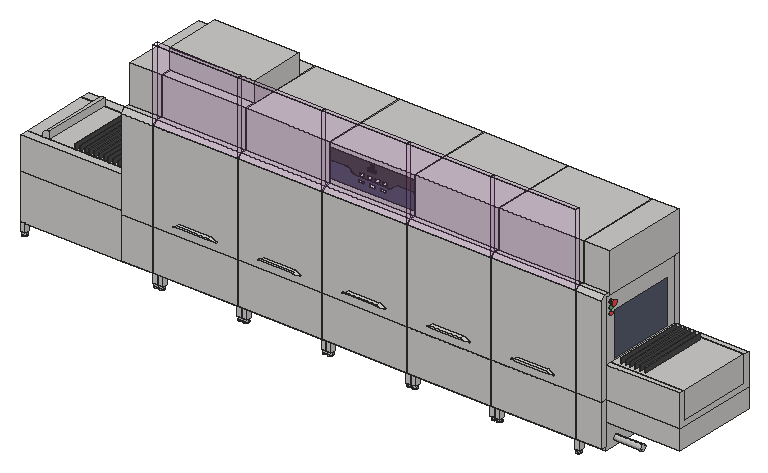
Revit family "QF_ELECTROLUXPROFESSIONAL_520716_EFTD082EL2U2D1M5R385", category Attrezzature speciali, Revit 2020
Family settings
  Quota connettore circolare = Usa diametro
  Tipo di parte = Normale
  Basato su piano di lavoro = No
  Sempre verticale = Sì
  Taglio con vuoti quando caricato = No
  Condiviso = No
  Punto di calcolo locali = No
Parameters (values of type "Standard")
  Weight = 1356.00 kg
  Watts = 76000 W
  Volts = 380 V
  URL Manufacturer = "https://www.electroluxprofessional.com/"
  URL = "https://www.electroluxprofessional.com/"
  Steam Supply Size = 0 mm
  Steam Supply Minimum Pressure = 0.0 Pa
  Steam Supply Maximum Pressure = 0.0 Pa
  Steam Consumption per Hour = 0
  Show Logo [instance] = yes
  Show Clearance [instance] = yes
  Refrigeration Suction Line Size = 0 mm
  Refrigeration Liquid Line Size = 0 mm
  Refrigerant Compressor Remote = yes
  Prospetto di default = 0 mm
  Produttore = "Electrolux Professional"
  Phase = 3
  Modello = "EFTD082EL2U2D1M5R385"
  Length Actual = 6250 mm  # constant formula
  Item Number = "520716"
  Hot Water Size = 0 mm
  Height Actual = 1983 mm  # constant formula
  HP = "101.9 HP"
  Gas Size = 0 mm
  Gas KW = 0
  Gas Input Pressure = 0 W
  Direct Waste Size = 50.8 mm
  Descrizione = "FT, 3Tanks, 8200D/H, El., 950mm loading, 1300mm unloading, 1Dryer, 55mm conveyor,R>L,380V50Hz3P"
  Depth Actual = 946 mm  # constant formula
  Cycle = 50 Hz
  Condensate Return Size = 0 mm
  Compressed Air Volume = 0.0 L/s
  Compressed Air Size = 0 mm
  Compressed Air Pressure = 0.0 Pa
  Cold Water Size = 0 mm
  Accessory = yes
Reference planes
  plane 1 "Centro (Fronte/Retro)": y = 0
  plane 2: z = 0
  plane 3 "Centro (Sinistra/Destra)": x = 0
  plane 4: z = 115
Forms (mm)
  Extrusion 1, solid, material "QF_Finishes_Stainless Steel"
    sketch origin (2582.404, 2, 1806.023) x (1, 0, 0) y (0, 0, 1)
      loop
        line (407.596, -163.023) -> (407.596, -183.023) -> (427.596, -183.023) -> (427.596, -163.023) -> (407.596, -163.023)
    from 0 to 2
  Extrusion 2, solid, material "QF_Finishes_Stainless Steel"
    sketch origin (-5.617, 22.464, 1290.159) x (0, 0, -1) y (0, 1, 0)
      loop
        circle (1102.159, -772.464) r 25
    from -9.383 to 5.617
  Extrusion 3, solid, material "QF_Finishes_Stainless Steel"
    sketch origin (3242.404, 2, 337.984) x (1, 0, 0) y (0, 0, 1)
      loop
        line (407.596, -163.023) -> (407.596, -183.023) -> (427.596, -183.023) -> (427.596, -163.023) -> (407.596, -163.023)
    from 0 to 2
  Extrusion 4, solid, material "QF_Finishes_Stainless Steel"
    sketch origin (647.841, 200.464, 109.383) x (1, 0, 0) y (0, 1, 0)
      loop
        circle (1102.159, -772.464) r 10
    from -9.383 to 5.617
  Extrusion 5, solid, material "QF_Finishes_Stainless Steel"
    sketch origin (718.841, 200.464, 109.383) x (1, 0, 0) y (0, 1, 0)
      loop
        circle (1102.159, -772.464) r 10
    from -9.383 to 5.617
  Extrusion 6, solid, material "QF_Finishes_Stainless Steel"
    sketch origin (5805.617, -1522.464, 1290.159) x (0, 0, -1) y (0, -1, 0)
      loop
        circle (1102.159, -772.464) r 25
    from -9.383 to 255.617
Dimensions and locks
  plane 4 to level = 115 mm
  aligned and locked: level to plane 2
Nested families
  nested 1: "MODULO_CENTER_800_FAN" at (1683.563, -388.258, 0), Show Clearance <- "Show Clearance", type "MODULO_CENTER_800_FAN"
    with Show Logo yes, Show Clearance yes, R_L no, L_R yes
  nested 2: "MODULO_CENTER_800" at (3283.563, -388.258, 0), Show Clearance <- "Show Clearance", type "MODULO_CENTER_800"
    with Show Logo yes, Show Clearance yes, R_L no, L_R yes
  nested 3: "MODULO_ENTRY_DISH_950" at (5691.437, -523.742, 0) x (-1, 0, 0) z (0, 0, 1), type "MODULO_ENTRY_DISH_950"
    with Show Logo yes, Show Clearance yes, R_L yes, L_R no
  nested 4: "MODULO_USCITA_DISH_1300" at (941.437, -523.742, 0) x (-1, 0, 0) z (0, 0, 1), type "MODULO_USCITA_DISH_1300"
    with Show Logo yes, Show Clearance yes, R_L no, L_R yes
  nested 5: "Piedino_Square_115H" at (23.5, -838.5, 0), type "Piedino_Square_115H"
  nested 6: "Piedino_Square_115H" at (23.5, -73.5, 0), type "Piedino_Square_115H"
  nested 7: "Piedino_Square_115H" at (1276.5, -838.5, 0), type "Piedino_Square_115H"
  nested 8: "Piedino_Square_115H" at (1276.5, -73.5, 0), type "Piedino_Square_115H"
  nested 9: "Piedino_Square_115H" at (1323.5, -838.5, 0), type "Piedino_Square_115H"
  nested 10: "Piedino_Square_115H" at (1323.5, -73.5, 0), type "Piedino_Square_115H"
  nested 11: "Piedino_Square_115H" at (2076.5, -838.5, 0), type "Piedino_Square_115H"
  nested 12: "Piedino_Square_115H" at (2076.5, -73.5, 0), type "Piedino_Square_115H"
  nested 13: "Piedino_Square_115H" at (2123.5, -838.5, 0) x (-1, 0, 0) z (0, 0, 1), type "Piedino_Square_115H"
  nested 14: "Piedino_Square_115H" at (2123.5, -73.5, 0) x (-1, 0, 0) z (0, 0, 1), type "Piedino_Square_115H"
  nested 15: "Piedino_Square_115H" at (2876.5, -838.5, 0) x (-1, 0, 0) z (0, 0, 1), type "Piedino_Square_115H"
  nested 16: "Piedino_Square_115H" at (2876.5, -73.5, 0) x (-1, 0, 0) z (0, 0, 1), type "Piedino_Square_115H"
  nested 17: "Piedino_Square_115H" at (2923.5, -838.5, 0), type "Piedino_Square_115H"
  nested 18: "Piedino_Square_115H" at (2923.5, -73.5, 0), type "Piedino_Square_115H"
  nested 19: "Piedino_Square_115H" at (3676.5, -838.5, 0), type "Piedino_Square_115H"
  nested 20: "Piedino_Square_115H" at (3676.5, -73.5, 0), type "Piedino_Square_115H"
  nested 21: "MANIGLIA_FLIGHT_400" at (3300, -912, 639.28) x (1, 0, 0) z (0, -1, 0), type "MANIGLIA_FLIGHT_400"
  nested 22: "MANIGLIA_FLIGHT_400" at (2500, -912, 639.28) x (1, 0, 0) z (0, -1, 0), type "MANIGLIA_FLIGHT_400"
  nested 23: "MANIGLIA_FLIGHT_400" at (1700, -912, 639.28) x (1, 0, 0) z (0, -1, 0), type "MANIGLIA_FLIGHT_400"
  nested 24: "MODULO_CENTER_800" at (4116.437, -388.258, 0) x (-1, 0, 0) z (0, 0, 1), Show Clearance <- "Show Clearance", type "MODULO_CENTER_800"
    with Show Logo yes, Show Clearance yes, R_L no, L_R yes
  nested 25: "Piedino_Square_115H" at (4476.5, -838.5, 0) x (-1, 0, 0) z (0, 0, 1), type "Piedino_Square_115H"
  nested 26: "Piedino_Square_115H" at (4476.5, -73.5, 0) x (-1, 0, 0) z (0, 0, 1), type "Piedino_Square_115H"
  nested 27: "Piedino_Square_115H" at (3723.5, -838.5, 0) x (-1, 0, 0) z (0, 0, 1), type "Piedino_Square_115H"
  nested 28: "Piedino_Square_115H" at (3723.5, -73.5, 0) x (-1, 0, 0) z (0, 0, 1), type "Piedino_Square_115H"
  nested 29: "MANIGLIA_FLIGHT_400" at (4100, -912, 639.28) x (-1, 0, 0) z (0, -1, 0), type "MANIGLIA_FLIGHT_400"
  nested 30: "MODULO_CENTER_800" at (4883.563, -388.258, 0), Show Clearance <- "Show Clearance", type "MODULO_CENTER_800"
    with Show Logo yes, Show Clearance yes, R_L no, L_R yes
  nested 31: "Piedino_Square_115H" at (4523.5, -838.5, 0), type "Piedino_Square_115H"
  nested 32: "Piedino_Square_115H" at (4523.5, -73.5, 0), type "Piedino_Square_115H"
  nested 33: "Piedino_Square_115H" at (5276.5, -838.5, 0), type "Piedino_Square_115H"
  nested 34: "Piedino_Square_115H" at (5276.5, -73.5, 0), type "Piedino_Square_115H"
  nested 35: "MANIGLIA_FLIGHT_400" at (4900, -912, 639.28) x (1, 0, 0) z (0, -1, 0), type "MANIGLIA_FLIGHT_400"
  nested 36: "Schermo_Flight_800" at (3300, -815, 1594.493) x (1, 0, 0) z (0, -1, 0), type "Schermo_Flight_800"
  nested 37: "ELX_LOGO_WORDS_WHITE" at (3300, -816.6, 1684.493) x (1, 0, 0) z (0, -1, 0), Show Logo <- "Show Logo", visible <- "Show Logo", type "ELX_LOGO_WORDS_WHITE"
    with Show Logo yes
  nested 38: "ELX_LOGO_MONO_SMALL_WHITE" at (3290.08, -816.6, 1670.493) x (-1, 0, 0) z (0, -1, 0), Show Logo <- "Show Logo", visible <- "Show Logo", type "ELX_LOGO_MONO_SMALL_WHITE"
    with Show Logo yes
  nested 39: "MODULO_CENTER_800" at (2516.437, -388.258, 0) x (-1, 0, 0) z (0, 0, 1), Show Clearance <- "Show Clearance", type "MODULO_CENTER_800"
    with Show Logo yes, Show Clearance yes, R_L no, L_R yes
Connectors
  electrical at (3000, 2, 1633)
    settings: on Extrusion 1, index 69, voltage 0 V, apparent load 0 VA, apparent load phase1 0 VA, apparent load phase2 0 VA, apparent load phase3 0 VA, power factor 1, load classification "Altro", number of poles 1, system type 30, power factor state 1, is connector primary yes, connector utility no, sub classification motor no, connector description "EI"
  piping at (-15, -750, 188), diameter 50
    settings: on Extrusion 2, index 70, connector inside diameter 609.6 mm, connector length 0 mm, flow factor 0, pipe flow 0.0 L/s, pressure drop 0.0 Pa, fitting loss kfactor 0, connector angle 0.00°, fixture units 0, engagement length 0 mm, angle of deflection 0.00°, flow configuration 0, flow direction 0, fitting loss method 0, system type 29, joint type 0, gender type 0, connector reference index -1, connector utility 0, adjustable connector no, is connector primary yes, connector description "D"
  electrical at (3660, 2, 164.961)
    settings: on Extrusion 3, index 71, voltage 0 V, apparent load 0 VA, apparent load phase1 0 VA, apparent load phase2 0 VA, apparent load phase3 0 VA, power factor 1, load classification "Altro", number of poles 1, system type 30, power factor state 1, is connector primary no, connector utility no, sub classification motor no, connector description "EQ"
  piping at (1750, -572, 100), diameter 19.1
    settings: on Extrusion 4, index 72, connector inside diameter 609.6 mm, connector length 0 mm, flow factor 0, pipe flow 0.0 L/s, pressure drop 0.0 Pa, fitting loss kfactor 0, connector angle 0.00°, fixture units 0, engagement length 0 mm, angle of deflection 0.00°, flow configuration 0, flow direction 0, fitting loss method 0, system type 29, joint type 0, gender type 0, connector reference index -1, connector utility 0, adjustable connector no, is connector primary no, connector description "HWI/CWI"
  piping at (1821, -572, 100), diameter 19.1
    settings: on Extrusion 5, index 73, connector inside diameter 609.6 mm, connector length 0 mm, flow factor 0, pipe flow 0.0 L/s, pressure drop 0.0 Pa, fitting loss kfactor 0, connector angle 0.00°, fixture units 0, engagement length 0 mm, angle of deflection 0.00°, flow configuration 0, flow direction 0, fitting loss method 0, system type 29, joint type 0, gender type 0, connector reference index -1, connector utility 0, adjustable connector no, is connector primary no, connector description "HWI/CWI"
  piping at (5815, -750, 188), diameter 50
    settings: on Extrusion 6, index 74, connector inside diameter 609.6 mm, connector length 0 mm, flow factor 0, pipe flow 0.0 L/s, pressure drop 0.0 Pa, fitting loss kfactor 0, connector angle 0.00°, fixture units 0, engagement length 0 mm, angle of deflection 0.00°, flow configuration 0, flow direction 0, fitting loss method 0, system type 29, joint type 0, gender type 0, connector reference index -1, connector utility 0, adjustable connector no, is connector primary no, connector description ""
Definition of nested family "MODULO_CENTER_800_FAN"
  Parameters (values of type "MODULO_CENTER_800_FAN")
    URL = "http://professional.electrolux.com"
    Show Logo [instance] = yes
    R_L [instance] = not(L_R)  # no
    Default Elevation = 0 mm
    Manufacturer = "Electrolux"
    Model = "ESR10E5"
    Length Actual = 800 mm
    Show Clearance [instance] = yes
    L_R [instance] = yes
    Height Actual = 1792 mm
    Description = "SINGLE RINSE RT, 100R/H, ELECTRIC 50HZ"
    Depth Actual = 912 mm
  Reference planes
    plane 1 "Center X": y = -67.742
    plane 2: z = 0
    plane 3 "LEFT": x = -383.563
    plane 4 "RIGHT": x = 416.437
    plane 5 "BACK": y = 388.258
    plane 6 "FEET": z = 115
    plane 7: z = 2092
    plane 8 "TOP": z = 1792
    plane 9 "FRONT": y = -523.742
    plane 10 "Left/Right": x = 16.437
    plane 11 "TopVent": z = 1983
  Forms (mm)
    Extrusion 1, solid
      sketch origin (416.437, 479.936, 4000) x (0, 1, 0) y (0, 0, 1)
        loop
          line (-91.678, -2208) -> (-906.678, -2208) -> (-906.678, -2580) -> (-91.678, -2580) -> (-91.678, -2208)
      from -800 to 0
    Extrusion 2, solid
      sketch origin (-383.563, 437.565, 3910) x (0, 1, 0) y (0, 0, 1)
        loop
          line (-99.307, -2490) -> (-911.307, -2490) -> (-911.307, -3552) -> (-99.307, -3552) -> (-99.307, -2490)
      from 800 to 0
    Extrusion 3, solid
      sketch origin (416.437, 479.936, 4299) x (0, 1, 0) y (0, 0, 1)
        loop
          line (-278.21, -2316) -> (-803.678, -2316) -> (-803.678, -2507) -> (-278.21, -2507) -> (-278.21, -2316)
      from -800 to 0
    Extrusion 4, solid
      sketch origin (16.437, 0, 1.5) x (0, 0, 1) y (0, -1, 0)
        loop
          line (356.5, -338.258) -> (356.5, 473.742) -> (113.5, 473.742) -> (113.5, -338.258) -> (356.5, -338.258)
      from 400 to -400
    Extrusion 5, solid
      sketch origin (16.437, 0, 0) x (0, 0, 1) y (0, -1, 0)
        loop
          line (1420, -338.258) -> (545, -338.258) -> (545, -388.258) -> (1420, -388.258) -> (1420, -338.258)
      from -400 to 400
    Extrusion 6, solid
      sketch origin (16.437, 0, 0) x (0, 0, 1) y (0, -1, 0)
        loop
          line (545, -388.258) -> (545, -338.258) -> (154, -338.258) -> (154, -388.258) -> (545, -388.258)
      from -400 to 400
    Extrusion 7, solid
      sketch origin (16.437, -882.484, -150) x (0, -1, 0) y (0, 0, 1)
        loop
          line (-358.742, 304) -> (-358.742, 695) -> (-408.742, 695) -> (-408.742, 304) -> (-358.742, 304)
      from -400 to 400
    Extrusion 8, solid
      sketch origin (16.437, -882.484, -151) x (0, -1, 0) y (0, 0, 1)
        loop
          line (-408.742, 1571) -> (-408.742, 696) -> (-358.742, 696) -> (-358.742, 1556) -> (-395.742, 1593) -> (-443.742, 1593) -> (-443.742, 1571) -> (-408.742, 1571)
      from -400 to 400
    Extrusion 9, solid, visible <- "Show Clearance"
      sketch origin (16.437, -882.484, 452) x (0, -1, 0) y (0, 0, 1)
        loop
          line (-408.742, 1640) -> (-408.742, 953.624) -> (-358.742, 953.624) -> (-358.742, 1640) -> (-408.742, 1640)
      from -400 to 400
  Dimensions and locks
    plane 3 "LEFT" to plane 4 "RIGHT" = 800 mm
    plane 5 "BACK" to plane 1 "Center X" to plane 9 "FRONT" = 456 mm, 456 mm
    plane 6 "FEET" to level = 115 mm  (x2)
    plane 6 "FEET" to plane 8 "TOP" = 1677 mm
    plane 5 "BACK" to plane 9 "FRONT" = 912 mm  (x2)
    plane 4 "RIGHT" to plane 3 "LEFT" = 800 mm
    plane 9 "FRONT" to plane 5 "BACK" = 912 mm
    level to plane 8 "TOP" = 1792 mm  (x2)
    plane 7 to level = 2092 mm
    plane 11 "TopVent" to plane 2 = 1983 mm
    plane 7 to plane 2 = 2092 mm
    Extrusion 2 to level = 1420 mm
    Extrusion 8 to level = 1442 mm
    plane 11 "TopVent" to level = 1983 mm
    aligned and locked: level to plane 2
Definition of nested family "MODULO_CENTER_800"
  Parameters (values of type "MODULO_CENTER_800")
    URL = "http://professional.electrolux.com"
    Show Logo [instance] = yes
    R_L [instance] = not(L_R)  # no
    Default Elevation = 0 mm
    Manufacturer = "Electrolux"
    Model = "ESR10E5"
    Length Actual = 800 mm
    Show Clearance [instance] = yes
    L_R [instance] = yes
    Height Actual = 1792 mm
    Description = "SINGLE RINSE RT, 100R/H, ELECTRIC 50HZ"
    Depth Actual = 912 mm
  Reference planes
    plane 1 "Center X": y = -67.742
    plane 2: z = 0
    plane 3 "LEFT": x = -383.563
    plane 4 "RIGHT": x = 416.437
    plane 5 "BACK": y = 388.258
    plane 6 "FEET": z = 115
    plane 7: z = 2092
    plane 8 "TOP": z = 1792
    plane 9 "FRONT": y = -523.742
    plane 10 "Left/Right": x = 16.437
  Forms (mm)
    Extrusion 1, solid
      sketch origin (416.437, 479.936, 4000) x (0, 1, 0) y (0, 0, 1)
        loop
          line (-91.678, -2208) -> (-906.678, -2208) -> (-906.678, -2580) -> (-91.678, -2580) -> (-91.678, -2208)
      from -800 to 0
    Extrusion 2, solid
      sketch origin (-383.563, 437.565, 3915) x (0, 1, 0) y (0, 0, 1)
        loop
          line (-99.307, -2495) -> (-911.307, -2495) -> (-911.307, -3557) -> (-99.307, -3557) -> (-99.307, -2495)
      from 800 to 0
    Extrusion 3, solid
      sketch origin (16.437, 0, 1.5) x (0, 0, 1) y (0, -1, 0)
        loop
          line (356.5, -338.258) -> (356.5, 473.742) -> (113.5, 473.742) -> (113.5, -338.258) -> (356.5, -338.258)
      from 400 to -400
    Extrusion 4, solid
      sketch origin (16.437, 0, 0) x (0, 0, 1) y (0, -1, 0)
        loop
          line (1420, -338.258) -> (545, -338.258) -> (545, -388.258) -> (1420, -388.258) -> (1420, -338.258)
      from -400 to 400
    Extrusion 5, solid
      sketch origin (16.437, 0, 0) x (0, 0, 1) y (0, -1, 0)
        loop
          line (545, -388.258) -> (545, -338.258) -> (154, -338.258) -> (154, -388.258) -> (545, -388.258)
      from -400 to 400
    Extrusion 6, solid
      sketch origin (16.437, -882.484, -150) x (0, -1, 0) y (0, 0, 1)
        loop
          line (-358.742, 304) -> (-358.742, 695) -> (-408.742, 695) -> (-408.742, 304) -> (-358.742, 304)
      from -400 to 400
    Extrusion 7, solid
      sketch origin (16.437, -882.484, -151) x (0, -1, 0) y (0, 0, 1)
        loop
          line (-408.742, 1571) -> (-408.742, 696) -> (-358.742, 696) -> (-358.742, 1556) -> (-395.742, 1593) -> (-443.742, 1593) -> (-443.742, 1571) -> (-408.742, 1571)
      from -400 to 400
    Extrusion 8, solid, visible <- "Show Clearance"
      sketch origin (16.437, -882.484, 452) x (0, -1, 0) y (0, 0, 1)
        loop
          line (-408.742, 1640) -> (-408.742, 953.624) -> (-358.742, 953.624) -> (-358.742, 1640) -> (-408.742, 1640)
      from -400 to 400
  Dimensions and locks
    plane 3 "LEFT" to plane 4 "RIGHT" = 800 mm
    plane 5 "BACK" to plane 1 "Center X" to plane 9 "FRONT" = 456 mm, 456 mm
    plane 6 "FEET" to level = 115 mm  (x2)
    plane 6 "FEET" to plane 8 "TOP" = 1677 mm
    plane 5 "BACK" to plane 9 "FRONT" = 912 mm  (x2)
    plane 4 "RIGHT" to plane 3 "LEFT" = 800 mm
    plane 9 "FRONT" to plane 5 "BACK" = 912 mm
    level to plane 8 "TOP" = 1792 mm  (x2)
    plane 7 to level = 2092 mm
    plane 7 to plane 2 = 2092 mm
    Extrusion 2 to level = 1420 mm
    Extrusion 7 to level = 1442 mm
    aligned and locked: level to plane 2
Definition of nested family "MODULO_ENTRY_DISH_950"
  Parameters (values of type "MODULO_ENTRY_DISH_950")
    URL = "http://professional.electrolux.com"
    Show Logo [instance] = yes
    R_L [instance] = not(L_R)  # no
    Default Elevation = 0 mm
    Manufacturer = "Electrolux"
    Model = "ESR10E5"
    Length Actual = 800 mm
    Show Clearance [instance] = yes
    L_R [instance] = yes
    Height Actual = 1792 mm
    Description = "SINGLE RINSE RT, 100R/H, ELECTRIC 50HZ"
    Depth Actual = 912 mm
  Reference planes
    plane 1 "Center (Front/Back)": y = -67.742
    plane 2: z = 0
    plane 3 "LEFT": x = -558.563
    plane 4 "RIGHT": x = 391.437
    plane 5 "BACK": y = 388.258
    plane 6 "FRONT": y = -523.742
    plane 7 "BUTTONS": y = -427.742
    plane 8: z = 115
    plane 9 "2": y = 292.258
  Forms (mm)
    Extrusion 1, solid, visible <- "L_R"
      sketch origin (391.437, 479.936, 4000) x (0, 1, 0) y (0, 0, 1)
        loop
          line (-91.678, -2208) -> (-906.678, -2208) -> (-906.678, -2580) -> (-91.678, -2580) -> (-91.678, -2208)
      from -250 to 0
    Extrusion 2, solid
      sketch origin (-358.563, 437.565, 3910) x (0, 1, 0) y (0, 0, 1)
        loop
          line (-99.307, -2490) -> (-911.307, -2490) -> (-911.307, -3552) -> (-99.307, -3552) -> (-99.307, -2490)
      from 750 to 500
    Extrusion 3, solid
      sketch origin (-558.563, 437.565, 3910) x (0, 1, 0) y (0, 0, 1)
        loop
          line (-99.307, -3365) -> (-99.307, -3060) -> (-149.307, -3060) -> (-149.307, -3315) -> (-861.307, -3315) -> (-861.307, -3060) -> (-911.307, -3060) -> (-911.307, -3365) -> (-99.307, -3365)
      from 700 to 0
    Extrusion 4, solid
      sketch origin (16.437, 0, -4.987) x (0, 0, 1) y (0, -1, 0)
        loop
          line (362.987, -338.258) -> (362.987, 473.742) -> (119.987, 473.742) -> (119.987, -338.258) -> (362.987, -338.258)
      from 375 to 125
    Extrusion 5, solid, visible <- "L_R"
      sketch origin (16.437, 0, 0) x (0, 0, 1) y (0, -1, 0)
        loop
          line (1420, -338.258) -> (545, -338.258) -> (545, -388.258) -> (1420, -388.258) -> (1420, -338.258)
      from 125 to 375
    Extrusion 6, solid
      sketch origin (16.437, 0, 0) x (0, 0, 1) y (0, -1, 0)
        loop
          line (545, -388.258) -> (545, -338.258) -> (154, -338.258) -> (154, -388.258) -> (545, -388.258)
      from 125 to 375
    Extrusion 7, solid
      sketch origin (-558.563, 437.565, 3607.258) x (0, 1, 0) y (0, 0, 1)
        loop
          line (-99.307, -3249.258) -> (-99.307, -3062.258) -> (-911.307, -3062.258) -> (-911.307, -3249.258) -> (-99.307, -3249.258)
      from 700 to 0
    Extrusion 8, solid
      sketch origin (-558.563, 437.565, 4000) x (0, 1, 0) y (0, 0, 1)
        loop
          line (-149.307, -3150) -> (-861.307, -3150) -> (-861.307, -3405) -> (-149.307, -3405) -> (-149.307, -3150)
      from 0 to 700
    Extrusion 9, solid
      sketch origin (266.437, -882.484, -150) x (0, -1, 0) y (0, 0, 1)
        loop
          line (-358.742, 304) -> (-358.742, 695) -> (-408.742, 695) -> (-408.742, 304) -> (-358.742, 304)
      from -125 to 125
    Extrusion 10, solid, visible <- "L_R"
      sketch origin (266.437, -882.484, -151) x (0, -1, 0) y (0, 0, 1)
        loop
          line (-408.742, 1571) -> (-408.742, 696) -> (-358.742, 696) -> (-358.742, 1556) -> (-395.742, 1593) -> (-443.742, 1593) -> (-443.742, 1571) -> (-408.742, 1571)
      from -125 to 125
    Extrusion 11, solid
      sketch origin (-358.563, 437.565, 4000) x (0, 1, 0) y (0, 0, 1)
        loop
          line (-199.307, -2725.701) -> (-811.307, -2725.701) -> (-811.307, -3137.701) -> (-199.307, -3137.701) -> (-199.307, -2725.701)
      from 495.458 to 500
    Extrusion 12, solid, visible <- "R_L"
      sketch origin (266.437, 747, -151) x (0, 1, 0) y (0, 0, -1)
        loop
          line (-408.742, -1571) -> (-443.742, -1571) -> (-443.742, -1593) -> (-395.742, -1593) -> (-358.742, -1556) -> (-358.742, -696) -> (-408.742, -696) -> (-408.742, -1571)
      from -125 to 125
    Extrusion 13, solid, visible <- "R_L"
      sketch origin (16.437, -135.484, 0) x (0, 0, 1) y (0, -1, 0)
        loop
          line (1420, 338.258) -> (1420, 388.258) -> (545, 388.258) -> (545, 338.258) -> (1420, 338.258)
      from 125 to 375
    Extrusion 14, solid, visible <- "R_L"
      sketch origin (391.437, -615.42, 4000) x (0, -1, 0) y (0, 0, -1)
        loop
          line (-91.678, 2208) -> (-91.678, 2580) -> (-906.678, 2580) -> (-906.678, 2208) -> (-91.678, 2208)
      from -250 to 0
    Extrusion 15, solid
      sketch origin (-191.477, -192.742, -3) x (-1, 0, 0) y (0, 0, 1)
        loop
          line (-26.676, 853) -> (-26.676, 898) -> (-36.676, 898) -> (-36.676, 853) -> (-26.676, 853)
      from -196 to 446
    Extrusion 16, solid
      sketch origin (-146.477, -192.742, -3) x (-1, 0, 0) y (0, 0, 1)
        loop
          line (-26.676, 853) -> (-26.676, 898) -> (-36.676, 898) -> (-36.676, 853) -> (-26.676, 853)
      from -196 to 446
    Extrusion 17, solid
      sketch origin (-101.477, -192.742, -3) x (-1, 0, 0) y (0, 0, 1)
        loop
          line (-26.676, 853) -> (-26.676, 898) -> (-36.676, 898) -> (-36.676, 853) -> (-26.676, 853)
      from -196 to 446
    Extrusion 18, solid
      sketch origin (-56.477, -192.742, -3) x (-1, 0, 0) y (0, 0, 1)
        loop
          line (-26.676, 853) -> (-26.676, 898) -> (-36.676, 898) -> (-36.676, 853) -> (-26.676, 853)
      from -196 to 446
    Extrusion 19, solid
      sketch origin (-11.477, -192.742, -3) x (-1, 0, 0) y (0, 0, 1)
        loop
          line (-26.676, 853) -> (-26.676, 898) -> (-36.676, 898) -> (-36.676, 853) -> (-26.676, 853)
      from -196 to 446
    Extrusion 20, solid
      sketch origin (33.523, -192.742, -3) x (-1, 0, 0) y (0, 0, 1)
        loop
          line (-26.676, 853) -> (-26.676, 898) -> (-36.676, 898) -> (-36.676, 853) -> (-26.676, 853)
      from -196 to 446
  Dimensions and locks
    plane 3 "LEFT" to plane 4 "RIGHT" = 950 mm
    plane 5 "BACK" to plane 1 "Center (Front/Back)" to plane 6 "FRONT" = 456 mm, 456 mm
    plane 5 "BACK" to plane 6 "FRONT" = 912 mm  (x2)
    plane 4 "RIGHT" to plane 3 "LEFT" = 950 mm  (x2)
    plane 6 "FRONT" to plane 5 "BACK" = 912 mm
    plane 8 to level = 115 mm
    Extrusion 1 to level = 1792 mm
    Extrusion 3 to level = 850 mm
    aligned and locked: level to plane 2
  Nested families
    nested 1: "BOTTONE_RED_STOP" at (141.437, -427.742, 1266.906) x (0, -1, 0) z (-1, 0, 0), visible <- "L_R", type "BOTTONE_RED_STOP"
    nested 2: "BOTTONE_EMERGENCY_STOP" at (141.437, -427.742, 1370) x (0, -1, 0) z (-1, 0, 0), visible <- "L_R", type "BOTTONE_EMERGENCY_STOP"
    nested 3: "BOTTONE_GREEN_START" at (141.437, -427.742, 1316.906) x (0, -1, 0) z (-1, 0, 0), visible <- "L_R", type "BOTTONE_GREEN_START"
    nested 4: "BOTTONE_RED_STOP" at (141.437, 292.258, 1267.906) x (0, 1, 0) z (-1, 0, 0), visible <- "R_L", type "BOTTONE_RED_STOP"
    nested 5: "BOTTONE_EMERGENCY_STOP" at (141.437, 292.258, 1371) x (0, 1, 0) z (-1, 0, 0), visible <- "R_L", type "BOTTONE_EMERGENCY_STOP"
    nested 6: "BOTTONE_GREEN_START" at (141.437, 292.258, 1317.906) x (0, 1, 0) z (-1, 0, 0), visible <- "R_L", type "BOTTONE_GREEN_START"
  Definition of nested family "BOTTONE_RED_STOP"
    Parameters (values of type "BOTTONE_RED_STOP")
      Default Elevation = 1219.2 mm
    Reference planes
      plane 1 "Centro (Fronte/Retro)": y = 0
      plane 2: z = 0
      plane 3 "Centro (Sinistra/Destra)": x = 0
    Forms (mm)
      Extrusion 1, solid
        sketch origin (0, 0, 0) x (1, 0, 0) y (0, 1, 0)
          loop
            line (-1219.2, 1219.2) -> (-1219.2, -1219.2) -> (1219.2, -1219.2) -> (1219.2, 1219.2) -> (-1219.2, 1219.2)
        from 0 to -304.8
      Extrusion 2, solid
        sketch origin (-367.513, 69.533, 15) x (-1, 0, 0) y (0, 1, 0)
          loop
            circle (-367.513, -69.533) r 15
        from 0 to 15
    Dimensions and locks
      aligned and locked: plane 2 to Extrusion 1
      aligned and locked: level to Extrusion 1
  Definition of nested family "BOTTONE_EMERGENCY_STOP"
    Parameters
      Default Elevation = 1219.2 mm
    Reference planes
      plane 1 "Centro (Fronte/Retro)": y = 0
      plane 2: z = 0
      plane 3 "Centro (Sinistra/Destra)": x = 0
    Forms (mm)
      Extrusion 1, solid
        sketch origin (0, 0, 0) x (1, 0, 0) y (0, 1, 0)
          loop
            line (-1219.2, 1219.2) -> (-1219.2, -1219.2) -> (1219.2, -1219.2) -> (1219.2, 1219.2) -> (-1219.2, 1219.2)
        from 0 to -304.8
      Extrusion 2, solid
        sketch origin (0, 0, 0) x (1, 0, 0) y (0, 1, 0)
          loop
            circle (0, 0) r 15
        from 0 to 20.273
      Blend 3, solid
        base sketch origin (-49.801, 0, 0) x (1, 0, 0) y (0, 1, 0)
          loop
            circle (49.801, 0) r 15
        top sketch origin (-49.801, 0, 0) x (1, 0, 0) y (0, 1, 0)
          loop
            circle (49.801, 0) r 25
        from 20.273 to 47.605
    Dimensions and locks
      aligned and locked: plane 2 to Extrusion 1
      aligned and locked: level to Extrusion 1
  Definition of nested family "BOTTONE_GREEN_START"
    Parameters (values of type "BOTTONE_GREEN_START")
      Default Elevation = 1219.2 mm
    Reference planes
      plane 1 "Centro (Fronte/Retro)": y = 0
      plane 2: z = 0
      plane 3 "Centro (Sinistra/Destra)": x = 0
    Forms (mm)
      Extrusion 1, solid
        sketch origin (0, 0, 0) x (1, 0, 0) y (0, 1, 0)
          loop
            line (-1219.2, 1219.2) -> (-1219.2, -1219.2) -> (1219.2, -1219.2) -> (1219.2, 1219.2) -> (-1219.2, 1219.2)
        from 0 to -304.8
      Extrusion 2, solid
        sketch origin (-367.513, 69.533, 15) x (-1, 0, 0) y (0, 1, 0)
          loop
            circle (-367.513, -69.533) r 15
        from 0 to 15
    Dimensions and locks
      aligned and locked: plane 2 to Extrusion 1
      aligned and locked: level to Extrusion 1
Definition of nested family "MODULO_USCITA_DISH_1300"
  Parameters (values of type "MODULO_USCITA_DISH_1300")
    URL = "http://professional.electrolux.com"
    Show Logo [instance] = yes
    R_L [instance] = not(L_R)  # yes
    Default Elevation = 0 mm
    Manufacturer = "Electrolux"
    Model = "ESR10E5"
    Length Actual = 800 mm
    Show Clearance [instance] = yes
    L_R [instance] = no
    Height Actual = 1792 mm
    Description = "SINGLE RINSE RT, 100R/H, ELECTRIC 50HZ"
    Depth Actual = 912 mm
  Reference planes
    plane 1 "Center (Front/Back)": y = -67.742
    plane 2: z = 0
    plane 3 "LEFT": x = -358.563
    plane 4 "BACK": y = 388.258
    plane 5 "FEET": z = 115
    plane 6 "TOP": z = 1792
    plane 7 "FRONT": y = -523.742
    plane 8 "Left/Right": x = 16.437
    plane 9: x = -358.563
    plane 10: y = -427.742
    plane 11 "RIGHT": x = 941.437
  Forms (mm)
    Extrusion 1, solid, visible <- "R_L"
      sketch origin (-358.563, 479.936, 4003) x (0, 1, 0) y (0, 0, -1)
        loop
          line (-91.678, 2211) -> (-91.678, 2583) -> (-906.678, 2583) -> (-906.678, 2211) -> (-91.678, 2211)
      from -300 to 0
    Extrusion 2, solid
      sketch origin (-358.563, 437.565, 4003) x (0, 1, 0) y (0, 0, 1)
        loop
          line (-99.307, -3458) -> (-911.307, -3458) -> (-911.307, -3888) -> (-99.307, -3888) -> (-99.307, -3458)
      from 300 to 0
    Extrusion 3, solid
      sketch origin (-358.563, 479.936, 4003) x (0, 1, 0) y (0, 0, -1)
        loop
          line (-141.678, 2583) -> (-141.678, 3458) -> (-953.678, 3458) -> (-953.678, 2583) -> (-141.678, 2583)
      from -300 to 0
    Extrusion 4, solid
      sketch origin (391.437, 437.565, 3913) x (0, 1, 0) y (0, 0, -1)
        loop
          line (-99.307, 3368) -> (-911.307, 3368) -> (-911.307, 3063) -> (-826.307, 3063) -> (-826.307, 3318) -> (-184.307, 3318) -> (-184.307, 3063) -> (-99.307, 3063) -> (-99.307, 3368)
      from 450 to -550
    Extrusion 5, solid, visible <- "R_L"
      sketch origin (16.437, 0, 3) x (0, 0, 1) y (0, 1, 0)
        loop
          line (1417, 338.258) -> (1417, 388.258) -> (542, 388.258) -> (542, 338.258) -> (1417, 338.258)
      from 75 to 375
    Extrusion 6, solid
      sketch origin (16.437, 0, 3) x (0, 0, 1) y (0, 1, 0)
        loop
          line (542, 388.258) -> (151, 388.258) -> (151, 338.258) -> (542, 338.258) -> (542, 388.258)
      from 75 to 375
    Extrusion 7, solid
      sketch origin (391.437, 437.565, 3610.258) x (0, 1, 0) y (0, 0, -1)
        loop
          line (-99.307, 3495.258) -> (-911.307, 3495.258) -> (-911.307, 3065.258) -> (-99.307, 3065.258) -> (-99.307, 3495.258)
      from 450 to -550
    Extrusion 8, solid
      sketch origin (991.437, 0, 3) x (0, 1, 0) y (0, 0, 1)
        loop
          line (253.258, 847) -> (-388.742, 847) -> (-388.742, 592) -> (253.258, 592) -> (253.258, 847)
      from -50 to -1050
    Extrusion 9, solid
      sketch origin (-358.563, 437.565, 3928) x (0, 1, 0) y (0, 0, 1)
        loop
          line (-811.307, -3065.701) -> (-199.307, -3065.701) -> (-199.307, -2653.701) -> (-811.307, -2653.701) -> (-811.307, -3065.701)
      from 300 to 304.77
    Extrusion 10, solid
      sketch origin (-208.563, -115, -147) x (0, 1, 0) y (0, 0, 1)
        loop
          line (-358.742, 301) -> (-358.742, 692) -> (-408.742, 692) -> (-408.742, 301) -> (-358.742, 301)
      from -150 to 150
    Extrusion 11, solid, visible <- "R_L"
      sketch origin (-208.563, -882.484, -151) x (0, -1, 0) y (0, 0, 1)
        loop
          line (-408.742, 1571) -> (-408.742, 696) -> (-358.742, 696) -> (-358.742, 1556) -> (-395.742, 1593) -> (-443.742, 1593) -> (-443.742, 1571) -> (-408.742, 1571)
      from -150 to 150
    Extrusion 12, solid
      sketch origin (-39.574, -192.742, -3) x (-1, 0, 0) y (0, 0, 1)
        loop
          line (-26.676, 853) -> (-26.676, 898) -> (-36.676, 898) -> (-36.676, 853) -> (-26.676, 853)
      from -196 to 446
    Extrusion 13, solid
      sketch origin (5.426, -192.742, -3) x (-1, 0, 0) y (0, 0, 1)
        loop
          line (-26.676, 853) -> (-26.676, 898) -> (-36.676, 898) -> (-36.676, 853) -> (-26.676, 853)
      from -196 to 446
    Extrusion 14, solid
      sketch origin (50.426, -192.742, -3) x (-1, 0, 0) y (0, 0, 1)
        loop
          line (-26.676, 853) -> (-26.676, 898) -> (-36.676, 898) -> (-36.676, 853) -> (-26.676, 853)
      from -196 to 446
    Extrusion 15, solid
      sketch origin (95.426, -192.742, -3) x (-1, 0, 0) y (0, 0, 1)
        loop
          line (-26.676, 853) -> (-26.676, 898) -> (-36.676, 898) -> (-36.676, 853) -> (-26.676, 853)
      from -196 to 446
    Extrusion 16, solid
      sketch origin (140.426, -192.742, -3) x (-1, 0, 0) y (0, 0, 1)
        loop
          line (-26.676, 853) -> (-26.676, 898) -> (-36.676, 898) -> (-36.676, 853) -> (-26.676, 853)
      from -196 to 446
    Extrusion 17, solid
      sketch origin (185.426, -192.742, -3) x (-1, 0, 0) y (0, 0, 1)
        loop
          line (-26.676, 853) -> (-26.676, 898) -> (-36.676, 898) -> (-36.676, 853) -> (-26.676, 853)
      from -196 to 446
    Extrusion 18, solid
      sketch origin (230.426, -192.742, -3) x (-1, 0, 0) y (0, 0, 1)
        loop
          line (-26.676, 853) -> (-26.676, 898) -> (-36.676, 898) -> (-36.676, 853) -> (-26.676, 853)
      from -196 to 446
    Extrusion 19, solid
      sketch origin (275.426, -192.742, -3) x (-1, 0, 0) y (0, 0, 1)
        loop
          line (-26.676, 853) -> (-26.676, 898) -> (-36.676, 898) -> (-36.676, 853) -> (-26.676, 853)
      from -196 to 446
    Revolve 20, solid
      sketch origin (295, 0, 850) x (1, 0, 0) y (0, 1, 0)
        loop
          line (430.204, 253.258) -> (430.204, -388.742) -> (502.335, -388.742) -> (502.335, 253.258) -> (430.204, 253.258)
        axis (430.204, 253.258) -> (430.204, -388.742)
      angle from 0 to -90
    Extrusion 21, solid, visible <- "L_R"
      sketch origin (-208.563, 747, -151) x (0, 1, 0) y (0, 0, -1)
        loop
          line (-408.742, -1571) -> (-443.742, -1571) -> (-443.742, -1593) -> (-395.742, -1593) -> (-358.742, -1556) -> (-358.742, -696) -> (-408.742, -696) -> (-408.742, -1571)
      from -150 to 150
    Extrusion 22, solid, visible <- "L_R"
      sketch origin (16.437, -135.484, 3) x (0, 0, 1) y (0, 1, 0)
        loop
          line (1417, -338.258) -> (542, -338.258) -> (542, -388.258) -> (1417, -388.258) -> (1417, -338.258)
      from 75 to 375
    Extrusion 23, solid, visible <- "L_R"
      sketch origin (-358.563, -615.42, 4003) x (0, -1, 0) y (0, 0, 1)
        loop
          line (-91.678, -2211) -> (-906.678, -2211) -> (-906.678, -2583) -> (-91.678, -2583) -> (-91.678, -2211)
      from -300 to 0
    Extrusion 24, solid
      sketch origin (320.426, -192.742, -3) x (-1, 0, 0) y (0, 0, 1)
        loop
          line (-26.676, 853) -> (-26.676, 898) -> (-36.676, 898) -> (-36.676, 853) -> (-26.676, 853)
      from -196 to 446
    Extrusion 25, solid
      sketch origin (365.426, -192.742, -3) x (-1, 0, 0) y (0, 0, 1)
        loop
          line (-26.676, 853) -> (-26.676, 898) -> (-36.676, 898) -> (-36.676, 853) -> (-26.676, 853)
      from -196 to 446
    Extrusion 26, solid
      sketch origin (410.426, -192.742, -3) x (-1, 0, 0) y (0, 0, 1)
        loop
          line (-26.676, 853) -> (-26.676, 898) -> (-36.676, 898) -> (-36.676, 853) -> (-26.676, 853)
      from -196 to 446
    Extrusion 27, solid
      sketch origin (455.426, -192.742, -3) x (-1, 0, 0) y (0, 0, 1)
        loop
          line (-26.676, 853) -> (-26.676, 898) -> (-36.676, 898) -> (-36.676, 853) -> (-26.676, 853)
      from -196 to 446
  Dimensions and locks
    plane 4 "BACK" to plane 1 "Center (Front/Back)" to plane 7 "FRONT" = 456 mm, 456 mm
    plane 5 "FEET" to level = 115 mm  (x2)
    plane 4 "BACK" to plane 7 "FRONT" = 912 mm  (x2)
    plane 7 "FRONT" to plane 4 "BACK" = 912 mm
    level to plane 6 "TOP" = 1792 mm
    plane 3 "LEFT" to plane 8 "Left/Right" = 375 mm
    plane 8 "Left/Right" to plane 11 "RIGHT" = 925 mm
    plane 3 "LEFT" to plane 11 "RIGHT" = 1300 mm
    plane 9 to plane 11 "RIGHT" = 1300 mm
    plane 6 "TOP" to level = 1792 mm
    aligned and locked: level to plane 2
  Nested families
    nested 1: "BOTTONE_EMERGENCY_STOP" at (-58.563, -427.742, 1369) x (0, -1, 0) z (1, 0, 0), visible <- "R_L", type "BOTTONE_EMERGENCY_STOP"
    nested 2: "BOTTONE_GREEN_START" at (-58.563, -427.742, 1315.906) x (0, -1, 0) z (1, 0, 0), visible <- "R_L", type "BOTTONE_GREEN_START"
    nested 3: "BOTTONE_RED_STOP" at (-58.563, -427.742, 1265.906) x (0, -1, 0) z (1, 0, 0), visible <- "R_L", type "BOTTONE_RED_STOP"
    nested 4: "BOTTONE_EMERGENCY_STOP" at (-58.563, 292.258, 1369) x (0, 1, 0) z (1, 0, 0), visible <- "L_R", type "BOTTONE_EMERGENCY_STOP"
    nested 5: "BOTTONE_GREEN_START" at (-58.563, 292.258, 1315.906) x (0, 1, 0) z (1, 0, 0), visible <- "L_R", type "BOTTONE_GREEN_START"
    nested 6: "BOTTONE_RED_STOP" at (-58.563, 292.258, 1265.906) x (0, 1, 0) z (1, 0, 0), visible <- "L_R", type "BOTTONE_RED_STOP"
  Definition of nested family "BOTTONE_EMERGENCY_STOP"
    Parameters
      Default Elevation = 1219.2 mm
    Reference planes
      plane 1 "Centro (Fronte/Retro)": y = 0
      plane 2: z = 0
      plane 3 "Centro (Sinistra/Destra)": x = 0
    Forms (mm)
      Extrusion 1, solid
        sketch origin (0, 0, 0) x (1, 0, 0) y (0, 1, 0)
          loop
            line (-1219.2, 1219.2) -> (-1219.2, -1219.2) -> (1219.2, -1219.2) -> (1219.2, 1219.2) -> (-1219.2, 1219.2)
        from 0 to -304.8
      Extrusion 2, solid
        sketch origin (0, 0, 0) x (1, 0, 0) y (0, 1, 0)
          loop
            circle (0, 0) r 15
        from 0 to 20.273
      Blend 3, solid
        base sketch origin (-49.801, 0, 0) x (1, 0, 0) y (0, 1, 0)
          loop
            circle (49.801, 0) r 15
        top sketch origin (-49.801, 0, 0) x (1, 0, 0) y (0, 1, 0)
          loop
            circle (49.801, 0) r 25
        from 20.273 to 47.605
    Dimensions and locks
      aligned and locked: plane 2 to Extrusion 1
      aligned and locked: level to Extrusion 1
  Definition of nested family "BOTTONE_GREEN_START"
    Parameters (values of type "BOTTONE_GREEN_START")
      Default Elevation = 1219.2 mm
    Reference planes
      plane 1 "Centro (Fronte/Retro)": y = 0
      plane 2: z = 0
      plane 3 "Centro (Sinistra/Destra)": x = 0
    Forms (mm)
      Extrusion 1, solid
        sketch origin (0, 0, 0) x (1, 0, 0) y (0, 1, 0)
          loop
            line (-1219.2, 1219.2) -> (-1219.2, -1219.2) -> (1219.2, -1219.2) -> (1219.2, 1219.2) -> (-1219.2, 1219.2)
        from 0 to -304.8
      Extrusion 2, solid
        sketch origin (-367.513, 69.533, 15) x (-1, 0, 0) y (0, 1, 0)
          loop
            circle (-367.513, -69.533) r 15
        from 0 to 15
    Dimensions and locks
      aligned and locked: plane 2 to Extrusion 1
      aligned and locked: level to Extrusion 1
  Definition of nested family "BOTTONE_RED_STOP"
    Parameters (values of type "BOTTONE_RED_STOP")
      Default Elevation = 1219.2 mm
    Reference planes
      plane 1 "Centro (Fronte/Retro)": y = 0
      plane 2: z = 0
      plane 3 "Centro (Sinistra/Destra)": x = 0
    Forms (mm)
      Extrusion 1, solid
        sketch origin (0, 0, 0) x (1, 0, 0) y (0, 1, 0)
          loop
            line (-1219.2, 1219.2) -> (-1219.2, -1219.2) -> (1219.2, -1219.2) -> (1219.2, 1219.2) -> (-1219.2, 1219.2)
        from 0 to -304.8
      Extrusion 2, solid
        sketch origin (-367.513, 69.533, 15) x (-1, 0, 0) y (0, 1, 0)
          loop
            circle (-367.513, -69.533) r 15
        from 0 to 15
    Dimensions and locks
      aligned and locked: plane 2 to Extrusion 1
      aligned and locked: level to Extrusion 1
Definition of nested family "Piedino_Square_115H"
  Parameters (values of type "Piedino_Square_115H")
    Default Elevation = 0 mm
  Reference planes
    plane 1 "Centro (Fronte/Retro)": y = 0
    plane 2: z = 0
    plane 3 "Centro (Sinistra/Destra)": x = 0
    plane 4: z = 115
  Forms (mm)
    Extrusion 1, solid
      sketch origin (0, 0, 0) x (1, 0, 0) y (0, 1, 0)
        loop
          circle (0, 0) r 23
      from 0 to 5
    Extrusion 2, solid
      sketch origin (0, 0, 5) x (1, 0, 0) y (0, 1, 0)
        loop
          circle (0, 0) r 20
      from 0 to 25.777
    Extrusion 3, solid
      sketch origin (0, 0, 30.777) x (1, 0, 0) y (0, 1, 0)
        loop
          line (-23.5, 23.5) -> (-23.5, -23.5) -> (23.5, -23.5) -> (23.5, 23.5) -> (-23.5, 23.5)
      from 0 to 84.223
  Dimensions and locks
    plane 4 to level = 115 mm  (x2)
    radius of Extrusion 1 sketch curve = 23 mm
    aligned and locked: level to plane 2
    aligned and locked: Extrusion 1 to level
Definition of nested family "MANIGLIA_FLIGHT_400"
  Parameters
    Default Elevation = 1219.2 mm
  Reference planes
    plane 1 "Centro (Fronte/Retro)": y = 0
    plane 2: z = 0
    plane 3 "Centro (Sinistra/Destra)": x = 0
  Forms (mm)
    Extrusion 1, solid
      sketch origin (0, 0, 0) x (1, 0, 0) y (0, 1, 0)
        loop
          line (-1219.2, 1219.2) -> (-1219.2, -1219.2) -> (1219.2, -1219.2) -> (1219.2, 1219.2) -> (-1219.2, 1219.2)
      from 0 to -304.8
    Extrusion 2, solid
      sketch origin (-503, 656.113, -50) x (-1, 0, 0) y (0, 1, 0)
        loop
          line (-651.038, -638.613) -> (-703, -668.613) -> (-703, -673.613) -> (-658.503, -673.613) -> (-623.862, -653.613) -> (-382.138, -653.613) -> (-347.497, -673.613) -> (-303, -673.613) -> (-303, -668.613) -> (-354.962, -638.613) -> (-651.038, -638.613)
      from -86.258 to -50
    Extrusion 3, void
      sketch origin (0, -681.887, 358.742) x (0, 0, 1) y (0, 1, 0)
        loop
          line (-322.484, 684.387) -> (-353.281, 664.387) -> (-322.484, 664.387) -> (-322.484, 684.387)
      from -200 to 200
  Cuts and joins
    Extrusion 3 cuts Extrusion 2
  Dimensions and locks
    cut or joined group of Extrusion 2, Extrusion 3 to cut or joined group of Extrusion 2, Extrusion 3 = 400 mm
    cut or joined group of Extrusion 2, Extrusion 3 to cut or joined group of Extrusion 2, Extrusion 3 = 35 mm
    aligned and locked: plane 2 to Extrusion 1
    aligned and locked: level to Extrusion 1
Definition of nested family "Schermo_Flight_800"
  Parameters (values of type "Schermo_Flight_800")
    Default Elevation = 1219.2 mm
  Reference planes
    plane 1 "Center (Front/Back)": y = 0
    plane 2: z = 0
    plane 3 "Center (Left/Right)": x = 0
  Forms (mm)
    Extrusion 1, solid
      sketch origin (0, 0, 0) x (1, 0, 0) y (0, 1, 0)
        loop
          line (-1219.2, 1219.2) -> (-1219.2, -1219.2) -> (1219.2, -1219.2) -> (1219.2, 1219.2) -> (-1219.2, 1219.2)
      from 0 to -304.8
    Extrusion 2, solid
      sketch origin (0, -25, 0) x (1, 0, 0) y (0, 1, 0)
        loop
          line (-400, -82.94) -> (400, -82.94) -> (400, 70.507) -> (238.561, 70.507) -> (167.154, 20.507) -> (-167.154, 20.507) -> (-238.561, 70.507) -> (-400, 70.507) -> (-400, -82.94)
        loop
          line (-126.915, -7.668) -> (-126.915, -27.668) -> (-81.915, -27.668) -> (-81.915, -7.668) -> (-126.915, -7.668)
        loop
          line (-22.5, -7.668) -> (-22.5, -27.668) -> (22.5, -27.668) -> (22.5, -7.668) -> (-22.5, -7.668)
        loop
          line (126.915, -7.668) -> (81.915, -7.668) -> (81.915, -27.668) -> (126.915, -27.668) -> (126.915, -7.668)
      from 0 to 1.6
    Extrusion 3, solid
      sketch origin (0, -25, 0) x (1, 0, 0) y (0, 1, 0)
        loop
          line (-400, 177.06) -> (-400, 70.507) -> (-238.561, 70.507) -> (-167.154, 20.507) -> (167.154, 20.507) -> (238.561, 70.507) -> (400, 70.507) -> (400, 177.06) -> (-400, 177.06)
        loop
          line (-117.417, 56.68) -> (-117.417, 31.68) -> (-77.417, 31.68) -> (-77.417, 56.68) -> (-117.417, 56.68)
        loop
          line (-47.417, 56.68) -> (-47.417, 31.68) -> (-7.417, 31.68) -> (-7.417, 56.68) -> (-47.417, 56.68)
        loop
          line (27.583, 56.68) -> (27.583, 31.68) -> (67.583, 31.68) -> (67.583, 56.68) -> (27.583, 56.68)
        loop
          line (97.583, 56.68) -> (97.583, 31.68) -> (137.583, 31.68) -> (137.583, 56.68) -> (97.583, 56.68)
      from 0 to 1.6
    Extrusion 4, solid
      sketch origin (0, 0, 0) x (1, 0, 0) y (0, 1, 0)
        loop
          line (-117.417, 31.68) -> (-117.417, 6.68) -> (-77.417, 6.68) -> (-77.417, 31.68) -> (-117.417, 31.68)
        loop
          line (-47.417, 31.68) -> (-47.417, 6.68) -> (-7.417, 6.68) -> (-7.417, 31.68) -> (-47.417, 31.68)
        loop
          line (27.583, 31.68) -> (27.583, 6.68) -> (67.583, 6.68) -> (67.583, 31.68) -> (27.583, 31.68)
        loop
          line (97.583, 31.68) -> (97.583, 6.68) -> (137.583, 6.68) -> (137.583, 31.68) -> (97.583, 31.68)
        loop
          line (-126.915, -32.668) -> (-126.915, -52.668) -> (-81.915, -52.668) -> (-81.915, -32.668) -> (-126.915, -32.668)
        loop
          line (-22.5, -32.668) -> (-22.5, -52.668) -> (22.5, -52.668) -> (22.5, -32.668) -> (-22.5, -32.668)
        loop
          line (81.915, -32.668) -> (81.915, -52.668) -> (126.915, -52.668) -> (126.915, -32.668) -> (81.915, -32.668)
      from 0 to 1.6
  Dimensions and locks
    Extrusion 3 to Extrusion 3 = 800 mm
    Extrusion 2 to Extrusion 3 = 260 mm
    aligned and locked: plane 2 to Extrusion 1
    aligned and locked: level to Extrusion 1
Definition of nested family "ELX_LOGO_WORDS_WHITE"
  Parameters (values of type "ELX_LOGO_WORDS_WHITE")
    Show Logo [instance] = yes
    Default Elevation = 0 mm
  Reference planes
    plane 1 "Centro (Fronte/Retro)": y = 0
    plane 2: z = 0
    plane 3 "Centro (Sinistra/Destra)": x = 0
  Forms (mm)
    Extrusion 1, solid
      sketch origin (0, 0, 0) x (1, 0, 0) y (0, 1, 0)
        loop
          line (-1219.2, 1219.2) -> (-1219.2, -1219.2) -> (1219.2, -1219.2) -> (1219.2, 1219.2) -> (-1219.2, 1219.2)
      from 0 to -304.8
    Extrusion 2, solid, visible <- "Show Logo"
      sketch origin (0, 0, 0) x (1, 0, 0) y (0, 1, 0)
        loop
          line (-30.234, 10.561) -> (-37.67, 10.561) -> (-37.67, 1.902)
          arc (-37.67, 1.902) -> (-36.691, -0.461) -> (-34.329, -1.439) r 3.341
          line (-34.329, -1.439) -> (-30.09, -1.439) -> (-30.09, 0.503) -> (-33.845, 0.503)
          arc (-33.845, 0.503) -> (-35.079, 0.92) -> (-35.604, 2.112) r 1.615
          line (-35.604, 2.112) -> (-35.604, 3.829) -> (-30.555, 3.829) -> (-30.555, 5.779) -> (-35.604, 5.779) -> (-35.604, 8.617) -> (-30.234, 8.617) -> (-30.234, 10.561)
        loop
          line (-28.622, 10.561) -> (-28.622, -1.439) -> (-26.555, -1.439) -> (-26.555, 10.561) -> (-28.622, 10.561)
        loop
          line (16.27, 10.561) -> (16.27, -1.439) -> (18.338, -1.439) -> (18.338, 10.561) -> (16.27, 10.561)
        loop
          line (-23.137, 2.393) -> (-16.354, 2.393)
          arc (-16.354, 2.393) -> (-17.415, 6.119) -> (-21.043, 7.478) r 4.298
          arc (-21.043, 7.478) -> (-24.239, 5.857) -> (-25.151, 2.393) r 4.373
          arc (-25.151, 2.393) -> (-23.951, -0.505) -> (-21.053, -1.705) r 4.097
          arc (-21.053, -1.705) -> (-18.799, -1.372) -> (-16.908, -0.099) r 5.15
          line (-16.908, -0.099) -> (-18.133, 1.125)
          arc (-18.133, 1.125) -> (-19.74, 0.161) -> (-21.607, 0.323) r 3.039
          arc (-21.607, 0.323) -> (-22.746, 1.081) -> (-23.137, 2.393) r 2.013
        loop
          line (-23.085, 3.846) -> (-18.431, 3.846)
          arc (-18.431, 3.846) -> (-19.084, 5.22) -> (-20.519, 5.727) r 1.983
          arc (-20.519, 5.727) -> (-22.175, 5.295) -> (-23.085, 3.846) r 2.321
        loop
          line (-8.297, 4.711) -> (-6.999, 6.009)
          arc (-6.999, 6.009) -> (-8.627, 7.187) -> (-10.604, 7.539) r 4.497
          arc (-10.604, 7.539) -> (-13.621, 6.437) -> (-15.204, 3.642) r 4.652
          arc (-15.204, 3.642) -> (-12.536, -1.257) -> (-7.072, -0.127) r 4.684
          line (-7.072, -0.127) -> (-8.363, 1.163)
          arc (-8.363, 1.163) -> (-11.149, 0.242) -> (-13.145, 2.393) r 2.714
          arc (-13.145, 2.393) -> (-13.006, 4.094) -> (-11.835, 5.335) r 2.578
          arc (-11.835, 5.335) -> (-9.96, 5.621) -> (-8.297, 4.711) r 2.961
        loop
          line (-5.73, 10.561) -> (-5.73, 2.36)
          arc (-5.73, 2.36) -> (-5.551, 1.13) -> (-5.09, -0.025) r 5.301
          arc (-5.09, -0.025) -> (-3.615, -1.198) -> (-1.746, -1.445) r 3.531
          line (-1.746, -1.445) -> (-1.746, 0.492)
          arc (-1.746, 0.492) -> (-2.302, 0.534) -> (-2.82, 0.74) r 1.862
          arc (-2.82, 0.74) -> (-3.484, 1.442) -> (-3.662, 2.393) r 1.713
          line (-3.662, 2.393) -> (-3.662, 5.362) -> (-1.785, 5.362) -> (-1.785, 7.24) -> (-3.662, 7.24) -> (-3.662, 10.561) -> (-5.73, 10.561)
        loop
          arc (2.004, 3.123) -> (2.152, 3.988) -> (2.578, 4.755) r 2.607
          arc (2.578, 4.755) -> (3.817, 5.391) -> (5.208, 5.362) r 2.84
          line (5.208, 5.362) -> (5.208, 7.349)
          arc (5.208, 7.349) -> (3.39, 7.177) -> (2.004, 5.989) r 3.016
          line (2.004, 5.989) -> (2.004, 7.24) -> (-0.046, 7.24) -> (-0.046, -1.439) -> (2.004, -1.439) -> (2.004, 3.123)
        loop
          circle (10.262, 2.899) r 4.599
        loop
          circle (10.262, 2.899) r 2.787
        loop
          arc (25.793, 2.175) -> (25.283, 0.772) -> (23.898, 0.213) r 1.835
          arc (23.898, 0.213) -> (22.514, 0.772) -> (22.004, 2.175) r 1.835
          line (22.004, 2.175) -> (22.004, 7.24) -> (19.919, 7.24) -> (19.919, 2.003)
          arc (19.919, 2.003) -> (21.105, -0.701) -> (23.898, -1.659) r 3.675
          arc (23.898, -1.659) -> (26.723, -0.672) -> (27.877, 2.088) r 3.675
          line (27.877, 2.088) -> (27.877, 7.24) -> (25.793, 7.24) -> (25.793, 2.175)
        loop
          line (29.126, 7.24) -> (32.128, 3.164) -> (28.83, -1.442) -> (31.052, -1.442) -> (33.241, 1.615) -> (35.462, -1.442) -> (37.67, -1.442) -> (34.419, 3.211) -> (37.392, 7.24) -> (35.135, 7.24) -> (33.234, 4.663) -> (31.362, 7.24) -> (29.126, 7.24)
        loop
          line (-35.875, -6.414) -> (-37.523, -6.414) -> (-37.523, -10.564) -> (-36.621, -10.564) -> (-36.621, -9.135) -> (-35.625, -9.135)
          arc (-35.625, -9.135) -> (-34.509, -7.66) -> (-35.875, -6.414) r 1.372
        loop
          arc (-35.664, -8.32) -> (-35.322, -7.786) -> (-35.664, -7.253) r 0.587
          line (-35.664, -7.253) -> (-36.621, -7.253) -> (-36.621, -8.32) -> (-35.664, -8.32)
        loop
          line (-29.363, -6.414) -> (-31.04, -6.414) -> (-31.04, -10.564) -> (-30.138, -10.564) -> (-30.138, -9.135) -> (-29.265, -9.135) -> (-28.669, -10.564) -> (-27.7, -10.564) -> (-28.516, -8.814)
          arc (-28.516, -8.814) -> (-28.125, -8.347) -> (-27.994, -7.752) r 1.281
          arc (-27.994, -7.752) -> (-28.406, -6.804) -> (-29.363, -6.414) r 1.37
        loop
          line (-30.138, -7.253) -> (-30.138, -8.32) -> (-29.18, -8.32)
          arc (-29.18, -8.32) -> (-28.839, -7.786) -> (-29.18, -7.253) r 0.587
          line (-29.18, -7.253) -> (-30.138, -7.253)
        loop
          circle (-22.402, -8.489) r 2.156
        loop
          circle (-22.402, -8.489) r 1.368
        loop
          line (-16.703, -6.414) -> (-16.703, -10.564) -> (-15.823, -10.564) -> (-15.823, -9.114) -> (-14.261, -9.114) -> (-14.261, -8.184) -> (-15.823, -8.184) -> (-15.823, -7.308) -> (-14.111, -7.308) -> (-14.111, -6.414) -> (-16.703, -6.414)
        loop
          line (-10.611, -6.414) -> (-10.611, -9.216)
          arc (-10.611, -9.216) -> (-10.229, -10.166) -> (-9.284, -10.561) r 1.327
          line (-9.284, -10.561) -> (-7.945, -10.561) -> (-7.945, -9.777) -> (-9.204, -9.777)
          arc (-9.204, -9.777) -> (-9.668, -9.394) -> (-9.759, -8.799) r 0.845
          line (-9.759, -8.799) -> (-8.1, -8.799) -> (-8.1, -8.015) -> (-9.759, -8.015) -> (-9.759, -7.198) -> (-7.985, -7.198) -> (-7.985, -6.414) -> (-10.611, -6.414)
        loop
          arc (4.417, -6.94) -> (3.867, -6.489) -> (3.171, -6.345) r 1.485
          arc (3.171, -6.345) -> (2.528, -6.503) -> (2, -6.902) r 1.645
          arc (2, -6.902) -> (1.902, -7.844) -> (2.51, -8.571) r 1.217
          arc (2.51, -8.571) -> (3.021, -8.741) -> (3.506, -8.976) r 4.201
          arc (3.506, -8.976) -> (3.812, -9.337) -> (3.601, -9.761) r 0.43
          arc (3.601, -9.761) -> (3.209, -9.853) -> (2.819, -9.754) r 0.846
          arc (2.819, -9.754) -> (2.482, -9.511) -> (2.275, -9.15) r 0.983
          line (2.275, -9.15) -> (1.549, -9.489)
          arc (1.549, -9.489) -> (1.811, -9.993) -> (2.232, -10.374) r 1.595
          arc (2.232, -10.374) -> (2.71, -10.578) -> (3.227, -10.63) r 1.719
          arc (3.227, -10.63) -> (3.867, -10.503) -> (4.442, -10.197) r 2.246
          arc (4.442, -10.197) -> (4.697, -9.52) -> (4.566, -8.81) r 1.349
          arc (4.566, -8.81) -> (4.282, -8.482) -> (3.919, -8.245) r 1.564
          arc (3.919, -8.245) -> (3.46, -8.04) -> (2.99, -7.864) r 8.236
          arc (2.99, -7.864) -> (2.718, -7.441) -> (3.111, -7.128) r 0.375
          arc (3.111, -7.128) -> (3.581, -7.241) -> (3.943, -7.563) r 0.998
          line (3.943, -7.563) -> (4.417, -6.94)
        loop
          line (8.225, -6.414) -> (8.225, -10.561) -> (9.077, -10.561) -> (9.077, -6.414) -> (8.225, -6.414)
        loop
          circle (14.827, -8.488) r 1.29
        loop
          circle (14.827, -8.488) r 2.154
        loop
          line (20.548, -10.561) -> (21.409, -10.561) -> (21.409, -7.954) -> (23.306, -10.561) -> (24.135, -10.561) -> (24.135, -6.414) -> (23.274, -6.414) -> (23.274, -9.101) -> (21.377, -6.414) -> (20.548, -6.414) -> (20.548, -10.561)
        loop
          line (28.435, -10.561) -> (28.839, -9.667) -> (30.373, -9.667) -> (30.777, -10.561) -> (31.693, -10.561) -> (29.942, -6.414) -> (29.142, -6.414) -> (27.519, -10.561) -> (28.435, -10.561)
        loop
          line (29.99, -8.816) -> (29.579, -7.905) -> (29.18, -8.816) -> (29.99, -8.816)
        loop
          line (35.929, -9.777) -> (35.929, -6.414) -> (35.076, -6.414) -> (35.076, -10.561) -> (37.523, -10.561) -> (37.523, -9.777) -> (35.929, -9.777)
        loop
          arc (-1.8, -6.94) -> (-2.35, -6.489) -> (-3.046, -6.345) r 1.485
          arc (-3.046, -6.345) -> (-3.689, -6.503) -> (-4.218, -6.902) r 1.645
          arc (-4.218, -6.902) -> (-4.316, -7.844) -> (-3.708, -8.571) r 1.217
          arc (-3.708, -8.571) -> (-3.197, -8.741) -> (-2.712, -8.976) r 4.201
          arc (-2.712, -8.976) -> (-2.405, -9.337) -> (-2.616, -9.761) r 0.43
          arc (-2.616, -9.761) -> (-3.008, -9.853) -> (-3.399, -9.754) r 0.846
          arc (-3.399, -9.754) -> (-3.736, -9.511) -> (-3.942, -9.15) r 0.983
          line (-3.942, -9.15) -> (-4.668, -9.489)
          arc (-4.668, -9.489) -> (-4.407, -9.993) -> (-3.985, -10.374) r 1.595
          arc (-3.985, -10.374) -> (-3.507, -10.578) -> (-2.99, -10.63) r 1.719
          arc (-2.99, -10.63) -> (-2.351, -10.503) -> (-1.775, -10.197) r 2.246
          arc (-1.775, -10.197) -> (-1.521, -9.52) -> (-1.652, -8.81) r 1.349
          arc (-1.652, -8.81) -> (-1.936, -8.482) -> (-2.298, -8.245) r 1.564
          arc (-2.298, -8.245) -> (-2.757, -8.04) -> (-3.228, -7.864) r 8.236
          arc (-3.228, -7.864) -> (-3.5, -7.441) -> (-3.107, -7.128) r 0.375
          arc (-3.107, -7.128) -> (-2.636, -7.241) -> (-2.274, -7.563) r 0.998
          line (-2.274, -7.563) -> (-1.8, -6.94)
      from 0 to 1.644
  Dimensions and locks
    aligned and locked: plane 2 to Extrusion 1
    aligned and locked: level to Extrusion 1
Definition of nested family "ELX_LOGO_MONO_SMALL_WHITE"
  Parameters (values of type "ELX_LOGO_MONO_SMALL_WHITE")
    Show Logo [instance] = yes
    Default Elevation = 1219.2 mm
  Reference planes
    plane 1 "Center (Front/Back)": y = -49
    plane 2: z = 0
    plane 3 "Center (Left/Right)": x = -9.92
  Forms (mm)
    Extrusion 1, solid
      sketch origin (0, 0, 0) x (1, 0, 0) y (0, 1, 0)
        loop
          line (-1219.2, 1219.2) -> (-1219.2, -1219.2) -> (1219.2, -1219.2) -> (1219.2, 1219.2) -> (-1219.2, 1219.2)
      from 0 to -304.8
    Extrusion 2, solid, visible <- "Show Logo"
      sketch origin (84.462, 509.781, 0) x (1, 0, 0) y (0, 1, 0)
        loop
          line (-97.736, -569.727) -> (-97.736, -547.891)
          arc (-97.736, -547.891) -> (-105.808, -558.809) -> (-97.736, -569.727) r 11.42
        loop
          arc (-96.625, -569.727) -> (-87.544, -567.663) -> (-83.169, -559.442) r 11.191
          line (-83.169, -559.442) -> (-86.782, -559.442)
          arc (-86.782, -559.442) -> (-93.235, -562.062) -> (-96.625, -568.146) r 10.49
          line (-96.625, -568.146) -> (-96.625, -569.727)
        loop
          arc (-96.625, -549.472) -> (-93.235, -555.557) -> (-86.782, -558.176) r 10.49
          line (-86.782, -558.176) -> (-83.169, -558.176)
          arc (-83.169, -558.176) -> (-87.537, -549.888) -> (-96.625, -547.611) r 11.484
          line (-96.625, -547.611) -> (-96.625, -549.472)
        loop
          line (-82.34, -570.919) -> (-82.34, -546.65) -> (-106.642, -546.65) -> (-106.642, -570.919) -> (-82.34, -570.919)
      from 0 to 1.644
  Dimensions and locks
    aligned and locked: plane 2 to Extrusion 1
    aligned and locked: level to Extrusion 1
